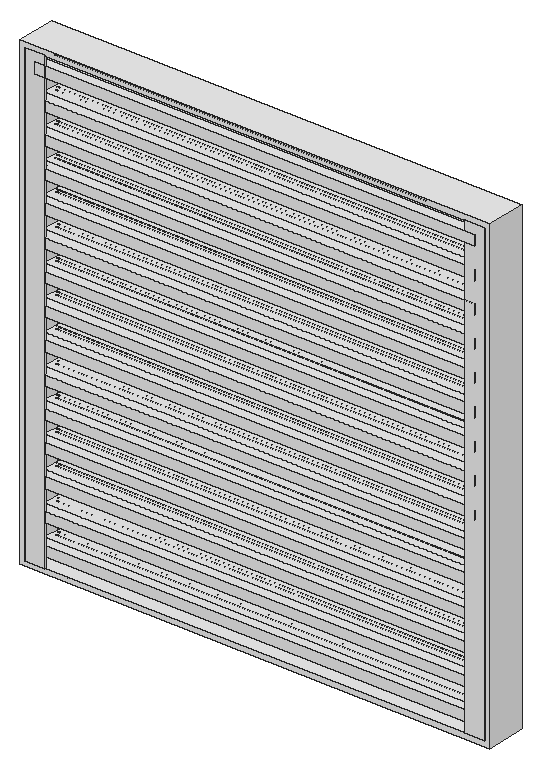
Revit family
Parameters (values of type "Louver_Screen_HT-401_All-Lite")
  URL = "http://www.alllite-louvers.com"
  Specifications = "http://www.alllite-louvers.com/catalog/AHT-401-csi-specification.doc"
  Spacing = 0.25 ft
  SmartBIM Object Version = 3  # constant formula
  SmartBIM Object Created By = "Reed Construction Data"  # constant formula
  Shim Thickness = 0.042 ft
  Screen Width = Width - (2 * Shim Thickness) - 2 * 0.083333 ft  # 3.749333 ft
  Screen Height = Height - (2 * Shim Thickness) - 2 * 0.098958 ft  # 3.718083 ft
  Screen = Aluminum
  Rough Width = 0.0 ft
  Rough Height = 0.0 ft
  Product URL = "http://www.alllite-louvers.com/catalog.php?model=HT-401"
  Pressure Loss (in.wg.) = "N/A"
  OmniClass Title = "Exterior Louvers and Grilles"  # constant formula
  OmniClass Code = "23-60 11 17"  # constant formula
  Model Number = "HT-401"  # constant formula
  Minimum Size = "12\" x 12\""
  Maximum Size - Single Section = "60\" x 144\" or 144\"x 60\""
  Maximum Size - Multiple Section = "Unlimited"
  Manufacturer = "All-Lite"  # constant formula
  Louver Width = Width - (2 * Shim Thickness) - 0.166667 ft  # 3.749333 ft
  Louver = Mill finish, 6063-T5 Extruded Aluminum
  Height = 4.0 ft
  Free Area for 48”x48” Louver = "60.0%"
  Free Area Velocity (fpm) = "N/A"
  Free Area (ft²) for 48"x48" Louver = 9.6 ft
  Frame = Mill finish, 6063-T5 Extruded Aluminum
  Default Sill Height = 3.0 ft
  Wall Closure = (empty or 0)
  Width = 4.0 ft
  Cut Sheet = "http://www.alllite-louvers.com/catalog/AHT401.pdf"
  Assembly Code = "B2010300"
  Air Volume Delivered (cfm) = "N/A"
  95 CSI = "10200 "  # constant formula
  04 CSI = "08 91 00"  # constant formula
  # of Louvers = (Height - 0.25 ft) / (Spacing)  # 15
Reference planes (ft)
  plane 1 "Center (Front/Back)": y = 0
  plane 2: z = 0.291667
  plane 3 "Center (Left/Right)": x = 0
  plane 4 "Left": x = -2
  plane 5 "Right": x = 2
  plane 6 "Sill": z = 3.291667
  plane 7 "Top": z = 7.291667
  plane 8: x = -1.958
  plane 9: x = 1.958
  plane 10: z = 7.249667
  plane 11: z = 3.333667
  plane 12: z = 5.291667
  plane 13: z = 3.417
  plane 14: z = 7.166333
Forms (ft)
  Sweep 1, solid, material "Mill finish, 6063-T5 Extruded Aluminum" <- "Frame"
    path origin (-5, 0.333333, 0) x (-1, 0, 0) y (0, 0, 1)
      loop
        line (-6.958, 3.333667) -> (-6.958, 7.249667)
    profile "Vertical Mullion : Vertical Mullion" origin (1.958, 0.333333, 5.291667) x (1, 0, 0) y (0, 1, 0)
      loop
        line (0, -0.333247) -> (-0.166667, -0.333247) -> (-0.166667, -0.343664) -> (0, -0.343664) -> (0, -0.333247)
  Sweep 2, solid, material "Mill finish, 6063-T5 Extruded Aluminum" <- "Frame"
    path origin (5, 0.333333, 0) x (1, 0, 0) y (0, 0, -1)
      loop
        line (-6.958, -3.333667) -> (-6.958, -7.249667)
    profile "Vertical Mullion : Vertical Mullion" origin (-1.958, 0.333333, 5.291667) x (1, 0, 0) y (0, 1, 0)
      loop
        line (0, -0.333247) -> (0, -0.343664) -> (0.166667, -0.343664) -> (0.166667, -0.333247) -> (0, -0.333247)
  Sweep 3, solid, material "Mill finish, 6063-T5 Extruded Aluminum" <- "Frame"
    path origin (-5, 0.333333, 0) x (-1, 0, 0) y (0, 0, 1)
      loop
        line (-3, 7.291667) -> (-7, 7.291667) -> (-7, 3.291667) -> (-3, 3.291667) -> (-3, 7.291667)
    profile origin (-2, 0.333333, 5.291667) x (0, 1, 0) y (-1, 0, 0)
      loop
        line (0, 0) -> (-0.343664, 0) -> (-0.343664, -0.042) -> (0, -0.042) -> (0, 0)
Cuts and joins
  joined: Sweep 1, Sweep 2
Lines and regions (ft)
  Opening 1
    outline origin (-5, -0.333333, 0) x (1, 0, 0) y (0, 0, 1)
      loop
        line (3, 7.291667) -> (3, 3.291667) -> (7, 3.291667) -> (7, 7.291667) -> (3, 7.291667)
  Masking region 1, detail levels coarse+medium
    outline origin (0, 0, 0) x (1, 0, 0) y (0, 1, 0)
      loop
        line (-2, 0.333333) -> (-2, -0.001701) -> (-1.874667, -0.001701) -> (-1.874667, 0.333333) -> (-2, 0.333333)
      loop
        line (1.874667, -0.001701) -> (2, -0.001701) -> (2, 0.333333) -> (1.874667, 0.333333) -> (1.874667, -0.001701)
  Masking region 2, detail levels fine
    outline origin (0, 0, 0) x (1, 0, 0) y (0, 1, 0)
      loop
        line (1.791333, 0.000086) -> (1.791333, -0.010331) -> (1.958, -0.010331) -> (1.958, 0.000086) -> (1.791333, 0.000086)
      loop
        line (-1.958, 0.000086) -> (-1.958, -0.010331) -> (-1.791333, -0.010331) -> (-1.791333, 0.000086) -> (-1.958, 0.000086)
Text (ft)
  text "EXTERIOR" at (-4.890733, 4.242245, 0), in view "Ref. Level"
  text "INTERIOR" at (-4.890733, -3.147199, 0), in view "Ref. Level"
  text "Exterior" at (0, 3.638026, 10.266337), in view "Left"
  text "Exterior" at (0, 1.524487, 10.420622), in view "Right"
Dimensions and locks (ft)
  equal spacing: plane 4 "Left", plane 3 "Center (Left/Right)", plane 5 "Right"
  "Width": plane 4 "Left" to plane 5 "Right"
  "Height": plane 6 "Sill" to plane 7 "Top"
  "Default Sill Height": plane 2 to plane 6 "Sill"
  "Shim Thickness": plane 4 "Left" to plane 8
  "Shim Thickness": plane 9 to plane 5 "Right"
  "Shim Thickness": plane 10 to plane 7 "Top"
  "Shim Thickness": plane 6 "Sill" to plane 11
  equal spacing: plane 11, plane 12, plane 10
  Sweep 3 to Sweep 3 = 0.343664 ft
  locked: plane 11 to plane 13 at 0.083333
  locked: plane 14 to plane 10 at 0.083333
  equal spacing: group 1, group 3, group 4, group 5, group 6, group 7, group 8, group 9, group 10, group 11, group 12, group 13, group 14, group 15, group 2  (x2)
  equal spacing: group 2, group 15, group 14, group 13, group 12, group 11, group 10, group 9, group 8, group 7, group 6, group 5, group 4, group 3, group 1
  aligned and locked: plane 7 "Top" to Opening 1 sketch curve
  aligned and locked: plane 6 "Sill" to Opening 1 sketch curve  (x2)
  aligned and locked: plane 5 "Right" to Opening 1 sketch curve
  aligned and locked: plane 4 "Left" to Opening 1 sketch curve
  aligned and locked: plane 9 to Sweep 1 sketch curve
  aligned and locked: Sweep 2 sketch curve to plane 8
  aligned and locked: Sweep 3 sketch curve to plane 4 "Left"
  aligned and locked: Sweep 3 sketch curve to plane 7 "Top"
  aligned and locked: Sweep 3 sketch curve to plane 6 "Sill"
  aligned and locked: Sweep 3 sketch curve to plane 5 "Right"
  aligned and locked: Sweep 3 sketch curve to host wall  (x2)
  aligned and locked: plane 8 to Sweep 3 sketch curve
  aligned and locked: plane 10 to Sweep 2 sketch curve
  aligned and locked: profile plane to host wall
  aligned and locked: plane 11 to Sweep 2 sketch curve
  aligned and locked: plane 11 to Sweep 1 sketch curve
  aligned and locked: Sweep 3 to nested 1
  aligned and locked: plane 14 to nested 1
  aligned and locked: nested 2 to Sweep 3
  aligned and locked: plane 13 to nested 2
  aligned and locked: plane 3 "Center (Left/Right)" to nested 1
  aligned and locked: plane 3 "Center (Left/Right)" to nested 2
  aligned and locked: Masking region 1 sketch curve to host wall  (x4)
  aligned and locked: Masking region 2 sketch curve to cut or joined group of Sweep 1, Sweep 2  (x8)
  aligned and locked: Sweep 3 sketch curve to Masking region 2
Automatic sketch dimensions
  Sweep 1 sketch curve to plane 10 = 0.0 ft
  host wall to Masking region 1 sketch curve = 0.001701 ft  (x2)
  plane 8 to Masking region 1 sketch curve = 0.083333 ft
  plane 9 to Masking region 1 sketch curve = 0.083333 ft
Nested families (ft)
  nested 1: "Louver Single" at (0, 0.409203, 6.903487), type "Louver"
  nested 2: "Louver Single" at (0, 0.419271, 3.240139), type "Louver"
  nested 3: "Louver Single" at (0, 0.409922, 6.641819), type "Louver"
  nested 4: "Louver Single" at (0, 0.410641, 6.380151), type "Louver"
  nested 5: "Louver Single" at (0, 0.41136, 6.118484), type "Louver"
  nested 6: "Louver Single" at (0, 0.412079, 5.856816), type "Louver"
  nested 7: "Louver Single" at (0, 0.412799, 5.595148), type "Louver"
  nested 8: "Louver Single" at (0, 0.413518, 5.333481), type "Louver"
  nested 9: "Louver Single" at (0, 0.414237, 5.071813), type "Louver"
  nested 10: "Louver Single" at (0, 0.414956, 4.810145), type "Louver"
  nested 11: "Louver Single" at (0, 0.415675, 4.548477), type "Louver"
  nested 12: "Louver Single" at (0, 0.416394, 4.28681), type "Louver"
  nested 13: "Louver Single" at (0, 0.417113, 4.025142), type "Louver"
  nested 14: "Louver Single" at (0, 0.417833, 3.763474), type "Louver"
  nested 15: "Louver Single" at (0, 0.418552, 3.501807), type "Louver"
Definition of nested family "Louver Single"
  Parameters (values of type "Louver")
    Louver Length = 3.75 ft
    Depth = 0.333333 ft
    Louver Single = yes
    Louver = none
    Assembly Code = ""
  Reference planes (ft)
    plane 1 "Center (Front/Back)": y = -0.085938
    plane 2: z = 0
    plane 3 "Center (Left/Right)": x = 0
    plane 4: x = -1.875
    plane 5: x = 1.875
    plane 6: y = -0.419534
    plane 7: z = 0.262847
    plane 8: z = 0.176861
  Forms (ft)
    Extrusion 1, solid, material <- "Louver"
      sketch origin (0, -0.700882, -1.002594) x (0, 1, 0) y (0, 0, 1)
        loop
          line (0.281349, 1.179455) -> (0.592672, 1.201009)
          arc (0.592672, 1.201009) -> (0.614945, 1.223282) -> (0.592672, 1.245555) r 0.022273
          line (0.592672, 1.245555) -> (0.374463, 1.260561) -> (0.281349, 1.265441) -> (0.281349, 1.179455)
        loop
          line (0.58848, 1.237779) -> (0.52084, 1.242431)
          arc (0.52084, 1.242431) -> (0.520024, 1.240891) -> (0.520184, 1.239156) r 0.00305
          arc (0.520184, 1.239156) -> (0.520581, 1.229544) -> (0.514841, 1.221824) r 0.014411
          arc (0.514841, 1.221824) -> (0.510912, 1.223536) -> (0.511887, 1.22771) r 0.003348
          arc (0.511887, 1.22771) -> (0.514583, 1.231978) -> (0.514172, 1.237009) r 0.007966
          arc (0.514172, 1.237009) -> (0.510309, 1.241021) -> (0.504739, 1.240925) r 0.006975
          arc (0.504739, 1.240925) -> (0.5009, 1.234872) -> (0.5035, 1.228192) r 0.007941
          arc (0.5035, 1.228192) -> (0.503756, 1.223483) -> (0.499046, 1.223227) r 0.003335
          arc (0.499046, 1.223227) -> (0.49422, 1.233218) -> (0.497807, 1.243717) r 0.014606
          line (0.497807, 1.243717) -> (0.289944, 1.258252) -> (0.289944, 1.18804) -> (0.370179, 1.193595)
          arc (0.370179, 1.193595) -> (0.371223, 1.195382) -> (0.370837, 1.197416) r 0.002952
          arc (0.370837, 1.197416) -> (0.368898, 1.206838) -> (0.373361, 1.21536) r 0.014313
          arc (0.373361, 1.21536) -> (0.377912, 1.21519) -> (0.378082, 1.210639) r 0.003348
          arc (0.378082, 1.210639) -> (0.375519, 1.206041) -> (0.376535, 1.200876) r 0.007646
          arc (0.376535, 1.200876) -> (0.382072, 1.198514) -> (0.38723, 1.201616) r 0.006615
          arc (0.38723, 1.201616) -> (0.38837, 1.206601) -> (0.385201, 1.210613) r 0.005918
          arc (0.385201, 1.210613) -> (0.383673, 1.215073) -> (0.388133, 1.216601) r 0.003333
          arc (0.388133, 1.216601) -> (0.394695, 1.208767) -> (0.393281, 1.198647) r 0.012585
          arc (0.393281, 1.198647) -> (0.39303, 1.196721) -> (0.394318, 1.195266) r 0.002344
          line (0.394318, 1.195266) -> (0.594194, 1.209104)
          arc (0.594194, 1.209104) -> (0.603099, 1.225786) -> (0.58848, 1.237779) r 0.014907
      from -1.875 to 1.875
  Dimensions and locks (ft)
    equal spacing: plane 4, plane 3 "Center (Left/Right)", plane 5
    "Louver Length": plane 4 to plane 5
    aligned and locked: Extrusion 1 to plane 4
    aligned and locked: plane 5 to Extrusion 1
    aligned: plane 8 to Extrusion 1
  Automatic sketch dimensions
    Extrusion 1 sketch curve to Extrusion 1 sketch curve = 0.0 ft  (x13)
    plane 1 "Center (Front/Back)" to Extrusion 1 sketch curve = 0.333596 ft
    Extrusion 1 sketch curve to Extrusion 1 sketch curve = 0.008595 ft
    Extrusion 1 sketch curve to Extrusion 1 sketch curve = 0.07837 ft
    Extrusion 1 sketch curve to Extrusion 1 sketch curve = 0.001865 ft
    Extrusion 1 sketch curve to Extrusion 1 sketch curve = 0.002524 ft  (x2)
    Extrusion 1 sketch curve to Extrusion 1 sketch curve = 0.001102 ft
    Extrusion 1 sketch curve to Extrusion 1 sketch curve = 0.002184 ft
    Extrusion 1 sketch curve to Extrusion 1 sketch curve = 0.005698 ft
    Extrusion 1 sketch curve to Extrusion 1 sketch curve = 0.002537 ft
    Extrusion 1 sketch curve to Extrusion 1 sketch curve = 0.003534 ft
    Extrusion 1 sketch curve to Extrusion 1 sketch curve = 0.000982 ft
    Extrusion 1 sketch curve to Extrusion 1 sketch curve = 0.000474 ft
    Extrusion 1 sketch curve to Extrusion 1 sketch curve = 0.002603 ft
    Extrusion 1 sketch curve to Extrusion 1 sketch curve = 0.001466 ft
    Extrusion 1 sketch curve to Extrusion 1 sketch curve = 0.004159 ft
    Extrusion 1 sketch curve to Extrusion 1 sketch curve = 0.00605 ft
    Extrusion 1 sketch curve to Extrusion 1 sketch curve = 0.001037 ft
    Extrusion 1 sketch curve to Extrusion 1 sketch curve = 0.00199 ft
    Extrusion 1 sketch curve to Extrusion 1 sketch curve = 0.102536 ft
    Extrusion 1 sketch curve to Extrusion 1 sketch curve = 0.001239 ft
    Extrusion 1 sketch curve to Extrusion 1 sketch curve = 0.002227 ft  (x2)
    Extrusion 1 sketch curve to Extrusion 1 sketch curve = 0.006932 ft
    Extrusion 1 sketch curve to Extrusion 1 sketch curve = 0.00331 ft
    Extrusion 1 sketch curve to Extrusion 1 sketch curve = 0.000037 ft
    Extrusion 1 sketch curve to Extrusion 1 sketch curve = 0.000787 ft
    Extrusion 1 sketch curve to Extrusion 1 sketch curve = 0.001165 ft
    Extrusion 1 sketch curve to Extrusion 1 sketch curve = 0.000003 ft
    Extrusion 1 sketch curve to Extrusion 1 sketch curve = 0.003088 ft
    Extrusion 1 sketch curve to Extrusion 1 sketch curve = 0.002017 ft
    Extrusion 1 sketch curve to Extrusion 1 sketch curve = 0.00537 ft
    Extrusion 1 sketch curve to Extrusion 1 sketch curve = 0.000937 ft
    Extrusion 1 sketch curve to Extrusion 1 sketch curve = 0.006012 ft
    Extrusion 1 sketch curve to Extrusion 1 sketch curve = 0.000656 ft
    Extrusion 1 sketch curve to Extrusion 1 sketch curve = 0.002831 ft
    Extrusion 1 sketch curve to Extrusion 1 sketch curve = 0.071179 ft
    Extrusion 1 sketch curve to Extrusion 1 sketch curve = 0.004192 ft
    Extrusion 1 sketch curve to Extrusion 1 sketch curve = 0.008585 ft
    Extrusion 1 sketch curve to Extrusion 1 sketch curve = 0.005555 ft
    Extrusion 1 sketch curve to Extrusion 1 sketch curve = 0.001671 ft
    Extrusion 1 sketch curve to Extrusion 1 sketch curve = 0.002288 ft
    Extrusion 1 sketch curve to Extrusion 1 sketch curve = 0.002142 ft
    Extrusion 1 sketch curve to Extrusion 1 sketch curve = 0.00346 ft
    Extrusion 1 sketch curve to Extrusion 1 sketch curve = 0.003601 ft
    Extrusion 1 sketch curve to Extrusion 1 sketch curve = 0.008095 ft
    Extrusion 1 sketch curve to Extrusion 1 sketch curve = 0.012719 ft
    Extrusion 1 sketch curve to Extrusion 1 sketch curve = 0.013768 ft
    Extrusion 1 sketch curve to Extrusion 1 sketch curve = 0.001404 ft
    Extrusion 1 sketch curve to Extrusion 1 sketch curve = 0.00041 ft
    Extrusion 1 sketch curve to Extrusion 1 sketch curve = 0.003214 ft
    Extrusion 1 sketch curve to Extrusion 1 sketch curve = 0.002483 ft
    Extrusion 1 sketch curve to Extrusion 1 sketch curve = 0.000311 ft
    Extrusion 1 sketch curve to Extrusion 1 sketch curve = 0.00009 ft
    Extrusion 1 sketch curve to Extrusion 1 sketch curve = 0.070212 ft
    Extrusion 1 sketch curve to Extrusion 1 sketch curve = 0.045201 ft
    Extrusion 1 sketch curve to Extrusion 1 sketch curve = 0.007188 ft
    Extrusion 1 sketch curve to Extrusion 1 sketch curve = 0.005715 ft
    level to Extrusion 1 sketch curve = 0.176861 ft
